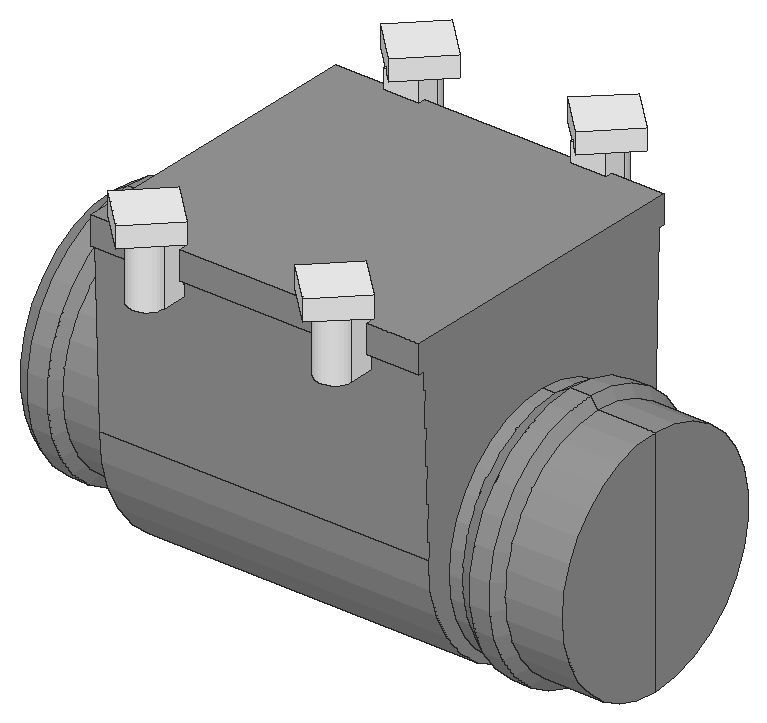
Revit family "HL_RU_Anti-flooding valve_HL712-A-171212", category Příslušenství trubek, Revit 2021
Family settings
  Kóta kulaté spojky = Použít průměr
  Typ dílu = Normální
  Číslo OmniClass = 23.65.55.14.21
  Nadpis OmniClass = Non-Return Valves for Liquid Services
  Založené na pracovní rovině = Ne
  Vždy vertikální = Ano
  Ořezat dutým tvarem při načtení = Ne
  Sdílené = Ne
Parameters (values of type "HL_Механический канализационный затвор_HL712")
  РАЗМЕР = "DN125"
  ПРОПУСКНАЯ СПОСОБНОСТЬ [instance] = 0.0 m³/h
  ПРАВОВАЯ ИНФОРМАЦИЯ = "\"Авторские права(©), права на дизайн или какие либо другие права интелектуальной собственности являются исключительной собственностью компании HL Hutterer & Lechner. Изменению не подлежит. Файл семейства с данными о прозводителе изделия защищен паролем с водяным знаком.\""
  ПАДЕНИЕ ДАВЛЕНИЯ [instance] = 0.0 Pa
  НОМИНАЛЬНЫЙ ДИАМЕТР 2 = 125 mm
  НОМИНАЛЬНЫЙ ДИАМЕТР = 125 mm
  МАТЕРИАЛ = "ABS"
  ВЫСОТА МОНТАЖА = "220 mm"
  ВЕС = "1,623 kg"
  Výrobce = "HL Hutterer & Lechner GmbH"
  Výchozí výška = 0 mm
  URL = "http://www.hutterer-lechner.com/ru/products/catalog/roof-drains/HL712.aspx"
  Popis = "Механический канализационный затвор"
  Model = "HL712"
  Komentáře k typům = "Механический магистральный канализационный затвор DN125 с заслонкой из нержавеющей стали"
  Keynote = "HL712"
  EAN = "9003076907120"
  Cena = 0
Types (2, lengths in mm): name | URL | Popis | Komentáře k typům
  (no name) | "http://www.hutterer-lechner.com/en/products/catalog/roof-drains/HL712.aspx" | "Anti flood valves" | "anti-flood valve DN125 with stainless steel flap"
  HL_Механический канализационный затвор_HL712 | "http://www.hutterer-lechner.com/ru/products/catalog/roof-drains/HL712.aspx" | "Механический канализационный затвор" | "Механический магистральный канализационный затвор DN125 с заслонкой из нержавеющей стали"
Values of the unnamed type that differ from the named types
  ПРАВОВАЯ ИНФОРМАЦИЯ = "\"Copyright (©), design rights or any other intellectual property rights, shall be the exclusive property of HL Hutterer & Lechner GmbH. Modification is not allowed. Family has been watermarked.\""
Reference planes
  plane 1 "Střed (vpředu/vzadu)": y = 0
  plane 2: z = 0
  plane 3 "Střed (vlevo/vpravo)": x = 0
Forms (mm)
  Sweep 1, solid, material "Plastic - Orange", detail levels fine
    path origin (99.75, 0, 113.4) x (1, 0, 0) y (0, 1, 0)
      loop
        line (94.75, 0) -> (-94.75, 0)
    profile origin (99.75, 0, 113.4) x (0, -1, 0) y (0, 0, 1)
      loop
        line (0, 0) -> (-88.191, 0) -> (-88.191, -16) -> (-85.007, -16) -> (-81.547, -115.07)
        arc (-81.547, -115.07) -> (-58.136, -173.311) -> (0, -196.982) r 80.412
        arc (0, -196.982) -> (58.136, -173.311) -> (81.547, -115.07) r 80.412
        line (81.547, -115.07) -> (85.007, -16) -> (88.191, -16) -> (88.191, 0) -> (0, 0)
  Extrusion 2, solid, material "Plactic - White", detail levels fine
    sketch origin (99.75, 0, 113.4) x (1, 0, 0) y (0, 1, 0)
      loop
        line (54, -121.127) -> (76.627, -98.5) -> (54, -75.873) -> (31.373, -98.5) -> (54, -121.127)
    from 11.235 to 23.235
  Extrusion 3, solid, material "Plactic - White", detail levels fine
    sketch origin (99.75, 0, 124.635) x (0, 1, 0) y (1, 0, 0)
      loop
        arc (-98.5, 64) -> (-108.5, 54) -> (-98.5, 44) r 10
        line (-98.5, 44) -> (-84.694, 44) -> (-84.694, 64) -> (-98.5, 64)
    from 0 to 37.235
  Extrusion 4, solid, material "Plactic - White", detail levels fine
    sketch origin (-8.25, 0, 113.4) x (1, 0, 0) y (0, 1, 0)
      loop
        line (54, -121.127) -> (76.627, -98.5) -> (54, -75.873) -> (31.373, -98.5) -> (54, -121.127)
    from 11.235 to 23.235
  Extrusion 5, solid, material "Plactic - White", detail levels fine
    sketch origin (-8.25, 0, 124.635) x (0, 1, 0) y (1, 0, 0)
      loop
        arc (-98.5, 64) -> (-108.5, 54) -> (-98.5, 44) r 10
        line (-98.5, 44) -> (-84.694, 44) -> (-84.694, 64) -> (-98.5, 64)
    from 0 to 37.235
  Extrusion 6, solid, material "Plactic - White", detail levels fine
    sketch origin (99.75, 0, 113.4) x (1, 0, 0) y (0, 1, 0)
      loop
        line (54, 121.127) -> (31.373, 98.5) -> (54, 75.873) -> (76.627, 98.5) -> (54, 121.127)
    from 11.235 to 23.235
  Extrusion 7, solid, material "Plactic - White", detail levels fine
    sketch origin (99.75, 0, 124.635) x (0, -1, 0) y (1, 0, 0)
      loop
        arc (-98.5, 64) -> (-108.5, 54) -> (-98.5, 44) r 10
        line (-98.5, 44) -> (-84.694, 44) -> (-84.694, 64) -> (-98.5, 64)
    from 0 to 37.235
  Extrusion 8, solid, material "Plactic - White", detail levels fine
    sketch origin (-8.25, 0, 113.4) x (1, 0, 0) y (0, 1, 0)
      loop
        line (54, 121.127) -> (31.373, 98.5) -> (54, 75.873) -> (76.627, 98.5) -> (54, 121.127)
    from 11.235 to 23.235
  Extrusion 9, solid, material "Plactic - White", detail levels fine
    sketch origin (-8.25, 0, 124.635) x (0, 1, 0) y (1, 0, 0)
      loop
        line (98.5, 64) -> (84.694, 64) -> (84.694, 44) -> (98.5, 44)
        arc (98.5, 44) -> (108.5, 54) -> (98.5, 64) r 10
    from 0 to 37.235
  Revolve 10, solid, material "Plastic - Orange", not visible, detail levels fine
    sketch origin (103.686, 0, 113.4) x (1, 0, 0) y (0, 0, 1)
      loop
        line (156.6, -128.5) -> (90.814, -128.5) -> (90.814, -191) -> (156.6, -191) -> (156.6, -128.5)
      axis (156.6, -128.5) -> (90.814, -128.5)
    angle from 0 to 360
  Revolve 11, solid, material "Plastic - Orange", detail levels fine
    sketch origin (103.686, 0, 113.4) x (1, 0, 0) y (0, 0, 1)
      loop
        line (-156.6, -113.4) -> (-156.6, -180.418) -> (-147.791, -186.042) -> (-136.164, -186.448) -> (-131.953, -180.418) -> (-98.686, -180.418) -> (-98.686, -113.4) -> (-156.6, -113.4)
      axis (-98.686, -113.4) -> (-156.6, -113.4)
    angle from 0 to 360
  Revolve 12, solid, material "Plastic - Orange", detail levels fine
    sketch origin (358.972, 0, 98.3) x (1, 0, 0) y (0, 0, 1)
      loop
        line (-164.472, -113.4) -> (-164.472, -180.418) -> (-156.6, -180.418) -> (-147.791, -186.042) -> (-136.164, -186.448) -> (-131.953, -180.418) -> (-98.686, -180.418) -> (-98.686, -113.4) -> (-164.472, -113.4)
      axis (-98.686, -113.4) -> (-164.472, -113.4)
    angle from 0 to 360
Lines and regions (mm)
  model lines, style "Symbol", detail levels coarse+medium
    curve 1: line (0, 0, -1.67) -> (260.286, 0, -19.316)
    curve 2: line (255.143, 0, -70.493) -> (255.143, 0, 49.507)
    curve 3: line (255.143, 0, 49.507) -> (5.143, 0, 49.507)
    curve 4: line (5.143, 0, -70.493) -> (5.143, 0, 49.507)
    curve 12: line (255.143, 0, -70.493) -> (5.143, 0, -70.493)
  symbolic lines, style "Symbol", detail levels coarse+medium
    curve 5: line (260.286, 0, 0) -> (0, 0, 0)
    curve 6: line (255.143, -60, 0) -> (255.143, 60, 0)
    curve 7: line (255.143, 60, 0) -> (5.143, 60, 0)
    curve 8: line (5.143, -60, 0) -> (5.143, 60, 0)
    curve 9: line (130.143, -105, 0) -> (130.143, 105, 0)
    curve 10: line (255.143, -60, 0) -> (5.143, -60, 0)
  model lines, detail levels coarse+medium
    curve 11: line (130.143, 0, -10.493) -> (130.143, 0, 94.507)
    curve 13: line (130.143, 0, -115.493) -> (130.143, 0, -10.493)
Dimensions and locks
  aligned and locked: level to plane 2
Connectors
  piping at (0, 0, 0), diameter 125, driven by "ПАДЕНИЕ ДАВЛЕНИЯ", driven by "НОМИНАЛЬНЫЙ ДИАМЕТР", driven by "ПРОПУСКНАЯ СПОСОБНОСТЬ"
    settings: on plane 3 "Střed (vlevo/vpravo)", index 1, connector inside diameter 609.6 mm, connector length 0 mm, flow factor 0, pipe flow 0.0 m³/h, pressure drop 0.0 Pa, fitting loss kfactor 0, connector angle 0.00°, fixture units 0, engagement length 0 mm, angle of deflection 0.00°, flow configuration 0, flow direction 0, fitting loss method 4, system type 16, joint type 0, gender type 0, connector reference index -1, connector utility 0, adjustable connector no, is connector primary yes, connector description ""
  piping at (260.286, 0, -15.1), diameter 125, driven by "НОМИНАЛЬНЫЙ ДИАМЕТР 2", driven by "ПРОПУСКНАЯ СПОСОБНОСТЬ"
    settings: on Revolve 10, index 2, connector inside diameter 609.6 mm, connector length 0 mm, flow factor 0, pipe flow 0.0 m³/h, pressure drop 0.0 Pa, fitting loss kfactor 0, connector angle 0.00°, fixture units 0, engagement length 0 mm, angle of deflection 0.00°, flow configuration 1, flow direction 2, fitting loss method 4, system type 16, joint type 0, gender type 0, connector reference index -1, connector utility 0, adjustable connector no, is connector primary no, connector description ""
